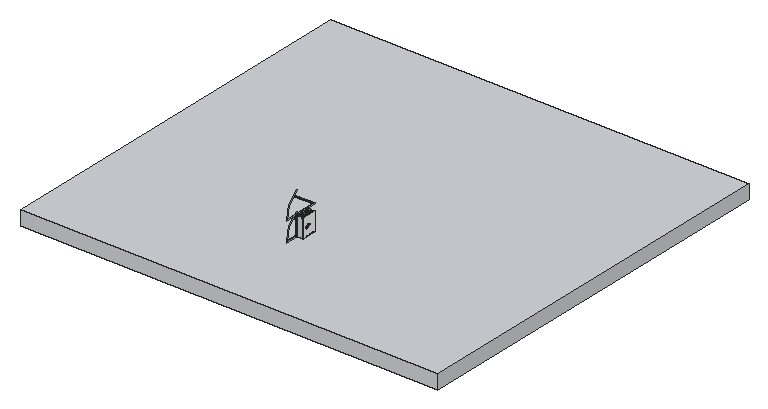
Revit family "ElectricBox_Light", category Обобщенные модели, Revit 2021
Family settings
  Основа = Грань
  Может служить основой для арматурных стержней = Нет
  Размер круглого соединителя = Использовать диаметр
  Тип детали = Нормальный
  При загрузке вырезать с полостями = Нет
  Общий = Нет
  Точка принадлежности помещению = Нет
Parameters (values of type "Осветительный ящик")
  Default Elevation = 1219.2 mm
Reference planes
  plane 1 "По центру (Вперед/Назад)": y = 0
  plane 2 "Первое крепление": z = 0
  plane 3 "По центру (Влево/Вправо)": x = 0
  plane 4 "Второе крепление": z = 420
Forms (mm)
  Extrusion 1, solid
    sketch origin (-848.664, 691.642, 0) x (1, 0, 0) y (0, 1, 0)
      loop
        line (-5400, 4000) -> (-5400, -4362.698) -> (3595.603, -4362.698) -> (3595.603, 4000) -> (-5400, 4000)
    from 0 to -304.8
  Sweep 2, solid
    path origin (5.061, -1.133, 0) x (-1, 0, 0) y (0, -1, 0)
      loop
        line (2469.655, 991.682) -> (2054.655, 991.682) -> (2054.655, 1751.682)
        arc (2054.655, 1751.682) -> (2357.093, 1316.858) -> (2568.822, 831.356) r 2700
    profile origin (-2352.031, -1317.991, 0) x (-0.872997, -0.487725, 0) y (0, 0, 1)
      loop
        line (0, 0) -> (0, 20) -> (-10, 20) -> (-10, 0) -> (0, 0)
  Sweep 3, solid
    path origin (5.061, 4069.107, 420) x (0, 1, 0) y (-1, 0, 0)
      loop
        line (-5061.923, 2469.655) -> (-5061.923, 2054.655) -> (-5821.923, 2054.655)
        arc (-5821.923, 2054.655) -> (-5387.098, 2357.093) -> (-4901.596, 2568.822) r 2700
    profile origin (-2352.031, -1317.991, 420) x (-0.872997, -0.487725, 0) y (0, 0, 1)
      loop
        line (0, 0) -> (0, 20) -> (-10, 20) -> (-10, 0) -> (0, 0)
  Sweep 4, solid
    path origin (-2049.594, -897.815, 20) x (0, -1, 0) y (0, 0, -1)
      loop
        line (592.995, 0) -> (592.995, -400)
    profile origin (-2049.594, -1490.81, 220) x (0, -1, 0) y (1, 0, 0)
      loop
        line (0, 0) -> (0, 135) -> (-5, 135) -> (-5, 0) -> (0, 0)
Dimensions and locks
  aligned and locked: Extrusion 1 to plane 2 "Первое крепление"
  aligned and locked: Extrusion 1 to level
Nested families
  nested 1: "Семейство2" at (-1969.594, -1485.81, 220) x (0, 0, -1) z (0, 1, 0), type "Семейство2"
  nested 2: "MPP_ЭОМ_ЭМ_Э_Ящик освещения ЯО1_v.01" at (-2049.594, -1485.81, 220) x (0, 0, -1) z (0, 1, 0), type "Ящик освещения ЯО1"
    with MPP_Группирование ЭОМ "", ADSK_Примечание "", ADSK_Позиция "", ADSK_Обозначение "", ADSK_Комплект "", ADSK_Зона ""
Definition of nested family "MPP_ЭОМ_ЭМ_Э_Ящик освещения ЯО1_v.01"
  Parameters (values of type "Ящик освещения ЯО-1-1")
    built-in parameter 1155100 [instance] = -1
    Default Elevation = 0 mm
    built-in parameter 1140140 [instance] = 1 (stored number, unit not read)
    Voltage = "380/220"
    built-in parameter 1140142 [instance] = -1
    R = 10 mm
    MPP_ЭОМ_Тип защитной характеристики = ""
    MPP_ЭОМ_Предельный Icn = 16 A
    MPP_ЭОМ_Климатическое исполнение = ""
    MPP_ЭОМ_Класс пожароопасной зоны = ""
    MPP_Страна изготовитель = ""
    MPP_Степень защиты = ""
    MPP_Класс защиты от поражения электрическим током = ""
    MPP_Деталь/Сборка = ""
    MPP_Группирование ЭОМ [instance] = ""
    K (отступ) = 30 mm
    ADSK_Ток = 16 A
    ADSK_Размер_Ширина = 400 mm
    ADSK_Размер_Толщина стенки = 4.972 mm
    ADSK_Размер_Глубина = 155 mm
    ADSK_Размер_Высота = 300 mm
    ADSK_Примечание [instance] = ""
    ADSK_Полная мощность = ADSK_Номинальная мощность / ADSK_Коэффициент мощности  # 10530.9 VA
    ADSK_Позиция [instance] = ""
    ADSK_Обозначение [instance] = ""
    ADSK_Номинальная мощность = (ADSK_Коэффициент мощности * ADSK_Напряжение * sqrt(ADSK_Количество фаз числовое)) * ADSK_Ток  # 8424.7 VA
    ADSK_Напряжение = 380 V
    ADSK_Наименование краткое = "ЯО-1-1"
    ADSK_Наименование = "Ящик для сети освещения"
    ADSK_Масса = 0
    ADSK_Коэффициент мощности = 0.8
    ADSK_Комплект [instance] = ""
    ADSK_Количество фаз числовое = 3
    ADSK_Количество фаз = 3
    ADSK_Код изделия = ""
    ADSK_Классификация нагрузок = none
    ADSK_Зона [instance] = ""
    ADSK_Завод-изготовитель = ""
    ADSK_Единица измерения = ""
  Types (3, lengths in mm): name | ADSK_Полная мощность | ADSK_Номинальная мощность | ADSK_Напряжение | ADSK_Наименование краткое
    (no name) | 10530.9 VA | 8424.7 VA | 380 V | "ЯО-1-1"
    Ящик освещения ЯО1 | 6096.82 VA | 4877.46 VA | 220 V | "ЯО1"
    Ящик освещения ЯО-1-1 | 10530.9 VA | 8424.7 VA | 380 V | "ЯО-1-1"
  Reference planes
    plane 1 "По центру (Вперед/Назад)": y = 0
    plane 2: z = 0
    plane 3 "По центру (Влево/Вправо)": x = 0
    plane 4: x = -300
    plane 5: x = 300
    plane 6: z = 300
    plane 7: x = -200
    plane 8: x = 200
    plane 9: y = -145.055
    plane 10: y = -155
    plane 11: y = -4.972
    plane 12: y = -150.028
    plane 13: z = 150
    plane 14: y = -72.528
    plane 15: x = -195.028
    plane 16: x = 195
    plane 17: y = -140.083
    plane 18: z = 225
    plane 19: x = -190.055
    plane 20: z = 295.028
    plane 21: x = 195.028
    plane 22: z = 4.972
  Forms (mm)
    Extrusion 1, solid, detail levels fine
      sketch origin (0, 0, 0) x (1, 0, 0) y (0, 0, 1)
        loop
          line (-200, 300) -> (-200, 0) -> (200, 0) -> (200, 300) -> (-200, 300)
      from 0 to 4.972 <- "ADSK_Размер_Толщина стенки"
    Sweep 2, solid, detail levels fine
      path origin (0, -4.972, 0) x (1, 0, 0) y (0, 0, 1)
        loop
          line (-200, 300) -> (-200, 0) -> (200, 0) -> (200, 300) -> (-200, 300)
      profile origin (-200, -4.972, 150) x (0, -1, 0) y (1, 0, 0)
        loop
          line (0, 0) -> (130.185, 0) -> (135.185, 4.972) -> (145.055, 4.972) -> (145.055, 9.945) -> (133.125, 9.945) -> (128.153, 4.972) -> (0, 4.972) -> (0, 0)
    Extrusion 3, solid, detail levels fine
      sketch origin (-300, -155, 1200) x (-1, 0, 0) y (0, 0, 1)
        loop
          line (-110, -900) -> (-490, -900)
          arc (-490, -900) -> (-497.071, -902.929) -> (-500, -910) r 10
          line (-500, -910) -> (-500, -1190)
          arc (-500, -1190) -> (-497.071, -1197.071) -> (-490, -1200) r 10
          line (-490, -1200) -> (-110, -1200)
          arc (-110, -1200) -> (-102.929, -1197.071) -> (-100, -1190) r 10
          line (-100, -1190) -> (-100, -910)
          arc (-100, -910) -> (-102.929, -902.929) -> (-110, -900) r 10
      from 0 to 4.972 <- "ADSK_Размер_Толщина стенки"
    Extrusion 4, solid, detail levels fine
      sketch origin (0, 0, 0) x (-1, 0, 0) y (0, 0, -1)
        loop
          line (200, -280) -> (200, -300) -> (213.251, -297.901)
          arc (213.251, -297.901) -> (218.083, -295.195) -> (220, -290) r 8
          arc (220, -290) -> (218.083, -284.805) -> (213.251, -282.099) r 8
          line (213.251, -282.099) -> (200, -280)
        loop
          circle (210.938, -290) r 4
      from 0 to 4.972 <- "ADSK_Размер_Толщина стенки"
    Extrusion 5, solid, detail levels coarse+medium
      sketch origin (0, 0, 0) x (1, 0, 0) y (0, 1, 0)
        loop
          line (-200, 0) -> (-200, -155) -> (200, -155) -> (200, 0) -> (-200, 0)
      from 0 to 300 <- "ADSK_Размер_Высота"
    Extrusion 6, solid, detail levels fine
      sketch origin (0, 0, 0) x (1, 0, 0) y (0, 0, 1)
        loop
          line (200, 280) -> (213.251, 282.099)
          arc (213.251, 282.099) -> (218.083, 284.805) -> (220, 290) r 8
          arc (220, 290) -> (218.083, 295.195) -> (213.251, 297.901) r 8
          line (213.251, 297.901) -> (200, 300) -> (200, 280)
        loop
          circle (210.938, 290) r 4
      from 0 to 4.972 <- "ADSK_Размер_Толщина стенки"
    Extrusion 7, solid, detail levels fine
      sketch origin (0, 0, 300) x (1, 0, 0) y (0, 0, 1)
        loop
          line (200, -280) -> (200, -300) -> (213.251, -297.901)
          arc (213.251, -297.901) -> (218.083, -295.195) -> (220, -290) r 8
          arc (220, -290) -> (218.083, -284.805) -> (213.251, -282.099) r 8
          line (213.251, -282.099) -> (200, -280)
        loop
          circle (210.938, -290) r 4
      from 0 to 4.972 <- "ADSK_Размер_Толщина стенки"
    Extrusion 8, solid, detail levels fine
      sketch origin (0, 0, 300) x (-1, 0, 0) y (0, 0, -1)
        loop
          line (200, 280) -> (213.251, 282.099)
          arc (213.251, 282.099) -> (218.083, 284.805) -> (220, 290) r 8
          arc (220, 290) -> (218.083, 295.195) -> (213.251, 297.901) r 8
          line (213.251, 297.901) -> (200, 300) -> (200, 280)
        loop
          circle (210.938, 290) r 4
      from 0 to 4.972 <- "ADSK_Размер_Толщина стенки"
    Extrusion 9, solid, detail levels fine
      sketch origin (-300, -150.028, 1200) x (-1, 0, 0) y (0, 0, 1)
        loop
          line (-500, -910) -> (-500, -1190.028)
          arc (-500, -1190.028) -> (-497.079, -1197.079) -> (-490.028, -1200) r 9.972
          line (-490.028, -1200) -> (-110, -1200)
          arc (-110, -1200) -> (-102.929, -1197.071) -> (-100, -1190) r 10
          line (-100, -1190) -> (-100, -910)
          arc (-100, -910) -> (-102.929, -902.929) -> (-110, -900) r 10
          line (-110, -900) -> (-490, -900)
          arc (-490, -900) -> (-497.071, -902.929) -> (-500, -910) r 10
        loop
          arc (-104.972, -909.972) -> (-106.437, -906.437) -> (-109.972, -904.972) r 5
          line (-109.972, -904.972) -> (-490, -904.972)
          arc (-490, -904.972) -> (-493.555, -906.445) -> (-495.028, -910) r 5.028
          line (-495.028, -910) -> (-495.028, -1190.028)
          arc (-495.028, -1190.028) -> (-493.563, -1193.563) -> (-490.028, -1195.028) r 5
          line (-490.028, -1195.028) -> (-109.972, -1195.028)
          arc (-109.972, -1195.028) -> (-106.437, -1193.563) -> (-104.972, -1190.028) r 5
          line (-104.972, -1190.028) -> (-104.972, -909.972)
      from 0 to 4.972 <- "ADSK_Размер_Толщина стенки"
  Dimensions and locks
    equal spacing: plane 7, plane 3 "По центру (Влево/Вправо)", plane 8
    "ADSK_Размер_Ширина": plane 7 to plane 8
    "ADSK_Размер_Высота": plane 6 to plane 2
    "ADSK_Размер_Толщина стенки": plane 11 to plane 1 "По центру (Вперед/Назад)"
    equal spacing: plane 6, plane 13, plane 2
    equal spacing: plane 9, plane 14, plane 1 "По центру (Вперед/Назад)"
    "ADSK_Размер_Глубина": plane 10 to plane 1 "По центру (Вперед/Назад)"
    "ADSK_Размер_Толщина стенки": plane 12 to plane 10
    "ADSK_Размер_Толщина стенки": plane 9 to plane 12
    "ADSK_Размер_Толщина стенки": plane 9 to plane 17
    equal spacing: plane 13, plane 18, plane 6
    "ADSK_Размер_Толщина стенки": plane 15 to plane 19
    "ADSK_Размер_Толщина стенки": plane 7 to plane 15
    "ADSK_Размер_Толщина стенки": plane 21 to plane 8
    plane 20 to plane 13 = 145.028 mm
    "ADSK_Размер_Толщина стенки": plane 6 to plane 20
    "ADSK_Размер_Толщина стенки": plane 22 to plane 2
    locked: nested 5 to plane 2 at 40
    aligned and locked: level to plane 2
    aligned and locked: Sweep 2 to plane 11
    aligned and locked: Extrusion 1 sketch curve to plane 7
    aligned and locked: plane 8 to Extrusion 1 sketch curve
    aligned and locked: Extrusion 5 sketch curve to plane 7
    aligned and locked: plane 8 to Extrusion 5 sketch curve
    aligned and locked: plane 1 "По центру (Вперед/Назад)" to Extrusion 5 sketch curve
    aligned and locked: plane 3 "По центру (Влево/Вправо)" to nested 1
    aligned and locked: nested 1 to plane 13
    aligned and locked: Extrusion 4 to Extrusion 5
    aligned and locked: Extrusion 8 to Extrusion 5
    aligned and locked: Extrusion 6 to Extrusion 5
    aligned and locked: Extrusion 7 to Extrusion 5
    aligned and locked: Sweep 2 sketch curve to plane 12
    aligned and locked: plane 14 to nested 4
    aligned and locked: nested 2 to plane 14
    aligned and locked: plane 14 to nested 3
    aligned and locked: nested 2 to plane 13
    aligned and locked: plane 13 to nested 3
    aligned and locked: plane 18 to nested 4
    aligned and locked: Sweep 2 sketch curve to plane 6
    aligned and locked: plane 7 to Sweep 2 sketch curve
    aligned and locked: Sweep 2 sketch curve to plane 2
    aligned and locked: Sweep 2 sketch curve to plane 8
    aligned and locked: Sweep 2 sketch curve to plane 11
    aligned and locked: profile plane to Sweep 2 sketch curve
    aligned and locked: Extrusion 9 sketch curve to plane 15
    aligned and locked: plane 7 to Extrusion 9 sketch curve
    aligned and locked: Extrusion 9 sketch curve to plane 8
    aligned and locked: Extrusion 9 sketch curve to plane 2
    aligned and locked: Extrusion 9 sketch curve to plane 6
    aligned and locked: plane 20 to Extrusion 9 sketch curve
    aligned and locked: Extrusion 9 sketch curve to plane 21
    aligned and locked: Extrusion 9 sketch curve to plane 22
    aligned and locked: nested 6 to plane 3 "По центру (Влево/Вправо)"
    aligned and locked: nested 6 to plane 1 "По центру (Вперед/Назад)"
  Automatic sketch dimensions
    Extrusion 1 sketch curve to level = 0 mm
    Extrusion 1 sketch curve to plane 6 = 0 mm
    plane 7 to Extrusion 4 sketch curve = 0 mm
    Extrusion 4 sketch curve to plane 6 = 0 mm
    plane 7 to Extrusion 4 sketch curve = 10.938 mm
    Extrusion 4 sketch curve to Extrusion 4 sketch curve = 1.062 mm
    Extrusion 4 sketch curve to Extrusion 4 sketch curve = 0 mm  (x2)
    plane 6 to Extrusion 4 sketch curve = 2.099 mm
    Extrusion 4 sketch curve to Extrusion 4 sketch curve = 1.251 mm  (x2)
    Extrusion 4 sketch curve to Extrusion 4 sketch curve = 7.901 mm  (x2)
    Extrusion 4 sketch curve to Extrusion 4 sketch curve = 0.001 mm
    Extrusion 5 sketch curve to plane 10 = 0 mm
    plane 8 to Extrusion 6 sketch curve = 0 mm
    Extrusion 6 sketch curve to plane 6 = 0 mm
    Extrusion 6 sketch curve to plane 8 = 10.938 mm
    Extrusion 6 sketch curve to Extrusion 6 sketch curve = 1.062 mm
    Extrusion 6 sketch curve to Extrusion 6 sketch curve = 0 mm  (x2)
    plane 6 to Extrusion 6 sketch curve = 2.099 mm
    Extrusion 6 sketch curve to Extrusion 6 sketch curve = 1.251 mm  (x2)
    Extrusion 6 sketch curve to Extrusion 6 sketch curve = 7.901 mm  (x2)
    Extrusion 6 sketch curve to Extrusion 6 sketch curve = 0.001 mm
    plane 8 to Extrusion 7 sketch curve = 0 mm
    Extrusion 7 sketch curve to level = 0 mm
    Extrusion 7 sketch curve to plane 8 = 10.938 mm
    Extrusion 7 sketch curve to Extrusion 7 sketch curve = 1.062 mm
    Extrusion 7 sketch curve to Extrusion 7 sketch curve = 0 mm  (x2)
    level to Extrusion 7 sketch curve = 2.099 mm
    Extrusion 7 sketch curve to Extrusion 7 sketch curve = 1.251 mm  (x2)
    Extrusion 7 sketch curve to Extrusion 7 sketch curve = 7.901 mm  (x2)
    Extrusion 7 sketch curve to Extrusion 7 sketch curve = 0.001 mm
    plane 7 to Extrusion 8 sketch curve = 0 mm
    Extrusion 8 sketch curve to level = 0 mm
    plane 7 to Extrusion 8 sketch curve = 10.938 mm
    Extrusion 8 sketch curve to Extrusion 8 sketch curve = 1.062 mm
    Extrusion 8 sketch curve to Extrusion 8 sketch curve = 0 mm  (x2)
    level to Extrusion 8 sketch curve = 2.099 mm
    Extrusion 8 sketch curve to Extrusion 8 sketch curve = 1.251 mm  (x2)
    Extrusion 8 sketch curve to Extrusion 8 sketch curve = 7.901 mm  (x2)
    Extrusion 8 sketch curve to Extrusion 8 sketch curve = 0.001 mm
    Extrusion 7 sketch curve to Extrusion 7 sketch curve = 2.099 mm
    Extrusion 8 sketch curve to Extrusion 8 sketch curve = 2.099 mm
    Extrusion 4 sketch curve to Extrusion 4 sketch curve = 2.099 mm
    Extrusion 6 sketch curve to Extrusion 6 sketch curve = 2.099 mm
    plane 8 to Extrusion 3 sketch curve = 0 mm
    Extrusion 3 sketch curve to plane 6 = 0 mm
    Extrusion 3 sketch curve to level = 0 mm
    plane 7 to Extrusion 3 sketch curve = 0 mm
    plane 8 to Extrusion 3 sketch curve = 10 mm  (x2)
    Extrusion 3 sketch curve to Extrusion 3 sketch curve = 10 mm
    level to Extrusion 3 sketch curve = 10 mm
    Extrusion 9 sketch curve to Extrusion 9 sketch curve = 0 mm  (x2)
    plane 8 to Extrusion 9 sketch curve = 10 mm
    Extrusion 9 sketch curve to Extrusion 9 sketch curve = 5 mm
    plane 15 to Extrusion 9 sketch curve = 5.028 mm  (x2)
    Extrusion 9 sketch curve to Extrusion 9 sketch curve = 0.028 mm  (x2)
    Sweep 2 sketch curve to plane 19 = 0 mm
    Sweep 2 sketch curve to profile plane = 4.972 mm  (x2)
    Sweep 2 sketch curve to Sweep 2 sketch curve = 16.903 mm
    Sweep 2 sketch curve to Sweep 2 sketch curve = 2.032 mm
    Sweep 2 sketch curve to Sweep 2 sketch curve = 4.972 mm
    Sweep 2 sketch curve to Sweep 2 sketch curve = 2.06 mm
    radius of Extrusion 4 sketch curve = 4 mm
    radius of Extrusion 6 sketch curve = 4 mm
    radius of Extrusion 7 sketch curve = 4 mm
    radius of Extrusion 8 sketch curve = 4 mm
  Nested families
    nested 1: "MPP_ЭОМ_ЭМ_ОМ_УГО_Высокое напряжение_v.01" at (0, -155, 92.97) x (1, 0, 0) z (0, -1, 0), type "MPP_ЭОМ_ЭМ_ОМ_УГО_Высокое напряжение_v.01"
    nested 2: "MPP_ЭОМ_ЭМ_ЭП-1_Розетка встр. 3Р+РЕ_v.02" at (200, -72.528, 99.073) x (0, 1, 0) z (1, 0, 0), type "Розетка 3P+PE", detail levels coarse+fine
      with ADSK_Примечание "", ADSK_Позиция ""
    nested 3: "MPP_ЭОМ_ЭМ_ЭП-1_Розетка встр. 3Р+РЕ_v.02" at (-200, -72.528, 99.073) x (0, 1, 0) z (-1, 0, 0), type "Розетка 3P+PE", detail levels coarse+fine
      with ADSK_Примечание "", ADSK_Позиция ""
    nested 4: "MPP_ЭОМ_ЭМ_ЭЩП_Сальник привертный_v.01" at (-200, -72.528, 225) x (0, 1, 0) z (-1, 0, 0), type "MPP_ЭОМ_ЭМ_ЭП-2_Сальник привертный_v.01"
    nested 5: "Ручка" at (0, -155, 40), type "Ручка", detail levels fine
      with Корпус none
    nested 6: "УГО" at (0, 0, 0) x (-1, 0, 0) z (0, 0, 1), type "Шкаф распределительный", detail levels coarse
  Definition of nested family "MPP_ЭОМ_ЭМ_ОМ_УГО_Высокое напряжение_v.01"
    Parameters
      Default Elevation = 1219.2 mm
      A = 100 mm
    Reference planes
      plane 1 "По центру (Вперед/Назад)": y = 0
      plane 2: z = 0
      plane 3 "По центру (Влево/Вправо)": x = 0
    Forms (mm)
      Extrusion 1, solid
        sketch origin (519.2, -529.2, 0) x (1, 0, 0) y (0, 1, 0)
          loop
            line (-1219.2, 1219.2) -> (-1219.2, -1219.2) -> (1219.2, -1219.2) -> (1219.2, 1219.2) -> (-1219.2, 1219.2)
        from 0 to -304.8
      Extrusion 2, solid
        sketch origin (0, 0, 0) x (1, 0, 0) y (0, 1, 0)
          loop
            line (50, 0) -> (0, 86.603) -> (-50, 0) -> (50, 0)
          loop
            line (0, 76.603) -> (-41.34, 5) -> (41.34, 5) -> (0, 76.603)
          loop
            line (-6.864, 33.296) -> (2.725, 57.03) -> (-4.052, 57.03) -> (-11.172, 28.473) -> (2.499, 36.366) -> (-3.107, 13.881) -> (-4.424, 16.784) -> (-4.692, 9.117) -> (0.844, 14.653) -> (-2.002, 13.617) -> (9.307, 42.633) -> (-6.864, 33.296)
        from 0 to 1.2
      Extrusion 3, solid
        sketch origin (0, 0, 0) x (1, 0, 0) y (0, 1, 0)
          loop
            line (0, 86.603) -> (-50, 0) -> (50, 0) -> (0, 86.603)
        from 0 to 1
    Dimensions and locks
      "A": Extrusion 2 sketch curve to Extrusion 2 sketch curve  (x3)
      aligned and locked: Extrusion 1 to plane 2
      aligned and locked: Extrusion 1 to level
      aligned and locked: Extrusion 3 to Extrusion 2
    Automatic sketch dimensions
      Extrusion 1 sketch curve to Extrusion 1 sketch curve = 2438.4 mm  (x2)
      plane 3 "По центру (Влево/Вправо)" to Extrusion 3 sketch curve = 0 mm
      plane 1 "По центру (Вперед/Назад)" to Extrusion 3 sketch curve = 0 mm
      Extrusion 3 sketch curve to plane 1 "По центру (Вперед/Назад)" = 86.603 mm
      Extrusion 3 sketch curve to plane 3 "По центру (Влево/Вправо)" = 50 mm
      plane 3 "По центру (Влево/Вправо)" to Extrusion 3 sketch curve = 50 mm
      plane 1 "По центру (Вперед/Назад)" to Extrusion 2 sketch curve = 0 mm
      Extrusion 2 sketch curve to plane 3 "По центру (Влево/Вправо)" = 0 mm  (x2)
      Extrusion 2 sketch curve to plane 1 "По центру (Вперед/Назад)" = 5 mm
      Extrusion 2 sketch curve to Extrusion 2 sketch curve = 8.66 mm  (x2)
      Extrusion 2 sketch curve to plane 3 "По центру (Влево/Вправо)" = 11.172 mm
      Extrusion 2 sketch curve to Extrusion 2 sketch curve = 4.308 mm
      Extrusion 2 sketch curve to plane 3 "По центру (Влево/Вправо)" = 4.692 mm
      Extrusion 2 sketch curve to plane 3 "По центру (Влево/Вправо)" = 4.424 mm
      Extrusion 2 sketch curve to plane 3 "По центру (Влево/Вправо)" = 4.052 mm
      Extrusion 2 sketch curve to plane 3 "По центру (Влево/Вправо)" = 3.107 mm
      Extrusion 2 sketch curve to Extrusion 2 sketch curve = 1.105 mm
      plane 3 "По центру (Влево/Вправо)" to Extrusion 2 sketch curve = 0.844 mm
      plane 3 "По центру (Влево/Вправо)" to Extrusion 2 sketch curve = 2.499 mm
      plane 3 "По центру (Влево/Вправо)" to Extrusion 2 sketch curve = 2.725 mm
      Extrusion 2 sketch curve to Extrusion 2 sketch curve = 6.808 mm
      Extrusion 2 sketch curve to plane 1 "По центру (Вперед/Назад)" = 9.117 mm
      Extrusion 2 sketch curve to Extrusion 2 sketch curve = 4.5 mm
      Extrusion 2 sketch curve to Extrusion 2 sketch curve = 0.265 mm
      Extrusion 2 sketch curve to Extrusion 2 sketch curve = 1.036 mm
      Extrusion 2 sketch curve to Extrusion 2 sketch curve = 2.902 mm
      Extrusion 2 sketch curve to Extrusion 2 sketch curve = 11.689 mm
      Extrusion 2 sketch curve to Extrusion 2 sketch curve = 4.823 mm
      Extrusion 2 sketch curve to Extrusion 2 sketch curve = 3.07 mm
      Extrusion 2 sketch curve to Extrusion 2 sketch curve = 6.267 mm
      Extrusion 2 sketch curve to Extrusion 2 sketch curve = 14.397 mm
      Extrusion 2 sketch curve to Extrusion 2 sketch curve = 10 mm
  Definition of nested family "MPP_ЭОМ_ЭМ_ЭП-1_Розетка встр. 3Р+РЕ_v.02"
    Parameters (values of type "Розетка 3P+PE")
      Description = ""
      Материал крышки = none
      Материал = none
      Type Comments = ""
      Manufacturer = ""
      Y [instance] = 0 mm
      X [instance] = 0 mm
      Default Elevation = 0 mm
      URL = ""
      ADSK_Ток = 32 A
      ADSK_Примечание [instance] = ""
      ADSK_Полная мощность = 0 VA
      ADSK_Позиция [instance] = ""
      ADSK_Обозначение = "ССИ-425"
      ADSK_Номинальная мощность = 0 VA
      ADSK_Напряжение = 380 V
      ADSK_Наименование краткое = "ССИ-425"
      ADSK_Наименование = "Розетка встраиваемая 32А-6ч/380-415В 3Р+PЕ IP44 MAGNUM ИЭК"
      ADSK_Материал наименование = "Синий"
      ADSK_Масса_Текст = ""
      ADSK_Коэффициент мощности = 0.6
      ADSK_Количество фаз числовое = 3
      ADSK_Количество фаз = 3
      ADSK_Код изделия = "PSN42-032-4"
      ADSK_Классификация нагрузок = none
      ADSK_Завод-изготовитель = "IEK"  # constant formula
      ADSK_Единица измерения = "шт."  # constant formula
      ADSK_Группирование = "Розетки"
      ADSK_URL страницы изделия = ""
      ADSK_URL документации изделия = ""
    Reference planes
      plane 1 "По центру (Вперед/Назад)": y = 0
      plane 2: z = 0
      plane 3 "По центру (Влево/Вправо)": x = 0
    Forms (mm)
      Extrusion 1, solid
        sketch origin (0, 0, 0) x (1, 0, 0) y (0, 1, 0)
          loop
            line (-1219.2, 1219.2) -> (-1219.2, -1219.2) -> (1219.2, -1219.2) -> (1219.2, 1219.2) -> (-1219.2, 1219.2)
        from 0 to -304.8
      Extrusion 2, solid, material <- "Материал", detail levels medium+fine
        sketch origin (0, 0, 0) x (1, 0, 0) y (0, 1, 0)
          loop
            line (40, -39.073) -> (40, 45.927)
            arc (40, 45.927) -> (38.536, 49.462) -> (35, 50.927) r 5
            line (35, 50.927) -> (-35, 50.927)
            arc (-35, 50.927) -> (-38.536, 49.462) -> (-40, 45.927) r 5
            line (-40, 45.927) -> (-40, -39.073)
            arc (-40, -39.073) -> (-38.536, -42.609) -> (-35, -44.073) r 5
            line (-35, -44.073) -> (35, -44.073)
            arc (35, -44.073) -> (38.536, -42.609) -> (40, -39.073) r 5
          loop
            circle (-31.031, -34.056) r 2.267
          loop
            circle (31.031, -34.056) r 2.267
          loop
            circle (31.031, 40.931) r 2.267
          loop
            circle (-31.031, 40.931) r 2.267
        from 0 to 9
      Extrusion 3, solid, material <- "Материал", detail levels medium+fine
        sketch origin (0, 5.467, -10.671) x (1, 0, 0) y (0, 0.965926, 0.258819)
          loop
            arc (6.789, -31.303) -> (0, 32.031) -> (-6.789, -31.303) r 32.031
            arc (-6.789, -31.303) -> (0, -38.092) -> (6.789, -31.303) r 6.789
        from 1.971 to 42.361
      Extrusion 4, solid, material <- "Материал крышки", detail levels fine
        sketch origin (0, 15.196, -3.494) x (0, 0.965926, 0.258819) y (0, -0.258819, 0.965926)
          loop
            arc (27.727, 19.991) -> (31.597, 13.733) -> (38.729, 15.547) r 6.22
            arc (38.729, 15.547) -> (40.495, 16.557) -> (42.529, 16.565) r 3.986
            line (42.529, 16.565) -> (45.604, 15.766)
            arc (45.604, 15.766) -> (46.077, 15.714) -> (46.517, 15.894) r 0.963
            line (46.517, 15.894) -> (47.37, 16.906)
            arc (47.37, 16.906) -> (47.472, 17.364) -> (47.154, 17.709) r 0.507
            arc (47.154, 17.709) -> (42.757, 19.947) -> (39.044, 23.196) r 19.956
            line (39.044, 23.196) -> (24.565, 44.541) -> (18.908, 44.541) -> (18.908, 37.947) -> (20.604, 37.947) -> (20.604, 25.447)
            arc (20.604, 25.447) -> (21.19, 24.033) -> (22.604, 23.447) r 2
            line (22.604, 23.447) -> (27.727, 23.447) -> (27.727, 19.991)
        from -10 to 10
      Extrusion 5, void
        sketch origin (0, 15.196, -3.494) x (1, 0, 0) y (0, 0.965926, 0.258819)
          loop
            line (-7, 48.32) -> (-14, 48.32) -> (-14, 39.721) -> (-7, 39.721) -> (-7, 48.32)
          loop
            line (7, 48.32) -> (7, 39.721) -> (14, 39.721) -> (14, 48.32) -> (7, 48.32)
        from 0 to 39.703
      Extrusion 6, solid, material <- "Материал", detail levels medium+fine
        sketch origin (0, 14.978, -3.739) x (0, 0.965926, 0.258819) y (0, -0.258819, 0.965926)
          loop
            line (34.177, 24.327) -> (18.06, 24.327) -> (18.06, -7.18) -> (23.314, -8.588) -> (38.731, 18.114)
            arc (38.731, 18.114) -> (38.029, 22.375) -> (34.177, 24.327) r 4.775
        from -14.3 to -10
      Revolve 7, solid, material <- "Материал крышки", detail levels fine
        sketch origin (0, 3.558, -3.561) x (1, 0, 0) y (0, -0.258819, 0.965926)
          loop
            line (0, 35) -> (0, 45)
            arc (0, 45) -> (-16.135, 44.331) -> (-32.05, 41.594) r 125.351
            line (-32.05, 41.594) -> (-32.05, 35) -> (0, 35)
          axis (0, 45) -> (0, 35)
        angle from 0 to 360
      Extrusion 8, solid, material <- "Материал крышки", detail levels fine
        sketch origin (0, -5.68, -6.037) x (0, 0.965926, 0.258819) y (0, -0.258819, 0.965926)
          loop
            line (-30.573, 35) -> (-19.743, 35) -> (-19.743, 41.788)
            arc (-19.743, 41.788) -> (-25.198, 40.636) -> (-30.573, 39.155) r 92.159
            line (-30.573, 39.155) -> (-30.573, 35)
        from -10 to 10
      Extrusion 9, solid, material <- "Материал", detail levels medium+fine
        sketch origin (0.312, 12.419, -8.808) x (1, 0, 0) y (0, 0.965926, 0.258819)
          loop
            circle (-0.312, -6.989) r 26
        from -7.066 to 1.971
      Extrusion 10, solid, material <- "Материал", detail levels medium+fine
        sketch origin (0, 2.17, -11.554) x (1, 0, 0) y (0, 0.965926, 0.258819)
          loop
            line (-4.5, 3.48) -> (-4.5, -1.762)
            arc (-4.5, -1.762) -> (0, -16.954) -> (4.5, -1.762) r 8.262
            line (4.5, -1.762) -> (4.5, 3.48) -> (-4.5, 3.48)
        from -15.655 to -7.066
      Extrusion 11, solid, material <- "Материал", detail levels medium+fine
        sketch origin (0, 14.978, -3.739) x (0, 0.965926, 0.258819) y (0, 0.258819, -0.965926)
          loop
            arc (34.177, -24.327) -> (38.029, -22.375) -> (38.731, -18.114) r 4.775
            line (38.731, -18.114) -> (23.314, 8.588) -> (18.06, 7.18) -> (18.06, -24.327) -> (34.177, -24.327)
        from -14.3 to -10
      Extrusion 12, solid, material <- "Материал", detail levels medium+fine
        sketch origin (0, 2.5, -15) x (0, 1, 0) y (0, 0, 1)
          loop
            line (39.169, 27.862) -> (34.896, 11.913) -> (31.791, 11.081) -> (31.791, 9) -> (37.221, 9) -> (42.515, 28.759) -> (39.169, 27.862)
        from -10 to 10
    Cuts and joins
      joined: Extrusion 2, Extrusion 3, Extrusion 6, Extrusion 9, Extrusion 10, Extrusion 11, Extrusion 12
      Extrusion 5 cuts Extrusion 4
      joined: Extrusion 4, Revolve 7, Extrusion 8
    Dimensions and locks
      aligned and locked: plane 2 to Extrusion 1
      aligned and locked: level to Extrusion 1
      aligned and locked: Extrusion 10 to Extrusion 9
      aligned and locked: Extrusion 9 to Extrusion 3
  Definition of nested family "MPP_ЭОМ_ЭМ_ЭЩП_Сальник привертный_v.01"
    Parameters
      Default Elevation = 1219.2 mm
    Reference planes
      plane 1 "По центру (Вперед/Назад)": y = 0
      plane 2: z = 0
      plane 3 "По центру (Влево/Вправо)": x = 0
    Forms (mm)
      Extrusion 1, solid
        sketch origin (0, 0, 0) x (1, 0, 0) y (0, 1, 0)
          loop
            line (-1219.2, 1219.2) -> (-1219.2, -1219.2) -> (1219.2, -1219.2) -> (1219.2, 1219.2) -> (-1219.2, 1219.2)
        from 0 to -304.8
      Extrusion 2, solid, detail levels fine
        sketch origin (0, 0, 38) x (1, 0, 0) y (0, 1, 0)
          loop
            circle (0, 0) r 16
          loop
            line (0, 30) -> (-25.981, 15) -> (-25.981, -15) -> (0, -30) -> (25.981, -15) -> (25.981, 15) -> (0, 30)
        from 0 to 10
      Extrusion 3, solid, detail levels fine
        sketch origin (0, 0, 28) x (1, 0, 0) y (0, 1, 0)
          loop
            circle (0, 0) r 20
          loop
            circle (0, 0) r 16
        from 0 to 10
      Extrusion 4, solid, detail levels fine
        sketch origin (0, 0, 0) x (1, 0, 0) y (0, 1, 0)
          loop
            circle (0, 0) r 16
          loop
            line (0, 35) -> (-30.311, 17.5) -> (-30.311, -17.5) -> (0, -35) -> (30.311, -17.5) -> (30.311, 17.5) -> (0, 35)
        from 0 to 10
      Extrusion 5, solid, detail levels fine
        sketch origin (0, 0, 10) x (1, 0, 0) y (0, 1, 0)
          loop
            circle (0, 0) r 16
          loop
            circle (0, 0) r 25.981
        from 0 to 18
      Extrusion 6, solid, detail levels fine
        sketch origin (0, 0, 0) x (1, 0, 0) y (0, 1, 0)
          loop
            circle (0, 0) r 20
          loop
            circle (0, 0) r 16
        from 0 to -5
      Extrusion 7, solid, detail levels fine
        sketch origin (0, 0, -5) x (0, 1, 0) y (1, 0, 0)
          loop
            line (35, 0) -> (17.5, 30.311) -> (-17.5, 30.311) -> (-35, 0) -> (-17.5, -30.311) -> (17.5, -30.311) -> (35, 0)
          loop
            circle (0, 0) r 16
        from 0 to 10
      Extrusion 8, solid, detail levels fine
        sketch origin (0, 0, -15) x (-1, 0, 0) y (0, 1, 0)
          loop
            circle (0, 0) r 20
          loop
            circle (0, 0) r 16
        from 0 to 7
    Dimensions and locks
      Extrusion 2 to Extrusion 2 to Extrusion 5 to Extrusion 4 to Extrusion 1 to Extrusion 7 to Extrusion 7 to Extrusion 8 = 10 mm, 10 mm, 18 mm, 10 mm, 5 mm, 10 mm, 7 mm
      Extrusion 2 to Extrusion 8 = 70 mm
      aligned and locked: plane 2 to Extrusion 1
      aligned and locked: level to Extrusion 1
  Definition of nested family "Ручка"
    Parameters (values of type "Ручка")
      Cost = 0
      Сайт разработчика = "http://allrl.ru/"
      Default Elevation = 0 mm
      Description = ""
      Масса единицы, кг = 0
      Корпус [instance] = none
      Type Comments = ""
      Manufacturer = ""
      Единица измерения = ""
      URL = ""
    Reference planes
      plane 1 "По центру (Вперед/Назад)": y = 0
      plane 2: z = 0
      plane 3 "По центру (Влево/Вправо)": x = 0
      plane 4: z = 0
    Forms (mm)
      Revolve 1, solid, material <- "Корпус"
        sketch origin (0, 0, 0) x (1, 0, 0) y (0, 1, 0)
          loop
            line (0, 0) -> (-15, 0) -> (-15, -1.863) -> (-13.185, -4.361) -> (-12.241, -4.361) -> (-12.241, -3.428) -> (-11.424, -3.428) -> (-11.424, -4.361) -> (0, -4.361) -> (0, 0)
          axis (0, 0) -> (0, -4.361)
        angle from 0 to 360
    Dimensions and locks
      aligned and locked: level to plane 2
      aligned and locked: plane 4 to Revolve 1
  Definition of nested family "УГО"
    Parameters (values of type "ЩС")
      Ящик с аппаратурой = no
      ЩС = yes
      ЩО = no
      ЩАО = no
    Types (4, lengths in mm): name | Ящик с аппаратурой | ЩС | ЩО | ЩАО
      ЩС | no | yes | no | no
      Щиток групповой аварийного освещения | no | no | no | yes
      Щиток групповой рабочего освещения | no | no | yes | no
      Шкаф распределительный | yes | no | no | no
    Reference planes
      plane 1: y = 0
      plane 2: x = 0
    Lines and regions (mm)
      Filled region 1, type "Цветовая область 1", visible <- "ЩО"
        outline origin (2.487, 0, 0) x (1, 0, 0) y (0, 1, 0)
          loop
            line (-5, 2.5) -> (-5, 0) -> (0, 0) -> (0, 2.5) -> (-5, 2.5)
      Filled region 2, type "Цветовая область 1", visible <- "ЩО", not visible
        outline origin (2.487, 0, 0) x (1, 0, 0) y (0, 1, 0)
          loop
            line (-5, 5) -> (-5, 2.5) -> (0, 2.5) -> (0, 5) -> (-5, 5)
      Filled region 3, type "Цветовая область 1", visible <- "Ящик с аппаратурой"
        outline origin (13.741, 14.792, 0) x (-1, 0, 0) y (0, -1, 0)
          loop
            line (11.254, 14.792) -> (11.254, 13.838) -> (16.254, 13.838) -> (16.254, 14.792) -> (11.254, 14.792)
      Filled region 4, type "Цветовая область 1", visible <- "Ящик с аппаратурой", not visible
        outline origin (13.741, 14.792, 0) x (-1, 0, 0) y (0, -1, 0)
          loop
            line (11.254, 12.292) -> (11.254, 11.338) -> (16.254, 11.338) -> (16.254, 12.292) -> (11.254, 12.292)
      detail lines, not visible
        curve 1: line (-1.263, 0, 0) -> (1.237, 0, 0)
        curve 2: line (-1.263, 2.5, 0) -> (1.237, 2.5, 0)
        curve 3: line (-0.013, 2.5, 0) -> (-0.013, 0, 0)
        curve 4: line (-0.013, 5, 0) -> (-0.013, 2.5, 0)
      detail lines, visible <- "ЩАО"
        curve 5: line (-2.513, 2.5, 0) -> (2.487, 2.5, 0)
        curve 6: line (-2.513, 0, 0) -> (-2.513, 2.5, 0)
        curve 7: line (2.487, 0, 0) -> (-2.513, 0, 0)
        curve 8: line (2.487, 2.5, 0) -> (2.487, 0, 0)
        curve 9: line (-2.513, 2.5, 0) -> (2.487, 0, 0)
        curve 10: line (2.487, 2.5, 0) -> (-2.513, 0, 0)
      detail lines, visible <- "Ящик с аппаратурой"
        curve 11: line (2.487, 0, 0) -> (-2.513, 0, 0)
        curve 12: line (2.487, 2.5, 0) -> (2.487, 0, 0)
        curve 13: line (-2.513, 2.5, 0) -> (2.487, 2.5, 0)
        curve 14: line (-2.513, 0, 0) -> (-2.513, 2.5, 0)
      detail lines, visible <- "ЩС"
        curve 15: line (2.487, 0, 0) -> (-2.513, 0, 0)
        curve 16: line (2.487, 2.5, 0) -> (2.487, 0, 0)
        curve 17: line (-2.513, 2.5, 0) -> (2.487, 2.5, 0)
        curve 18: line (-2.513, 0, 0) -> (-2.513, 2.5, 0)
        curve 19: line (-2.513, 0.744, 0) -> (2.487, 0.744, 0)
      detail lines, visible <- "ЩАО", not visible
        curve 20: line (-2.513, 5, 0) -> (2.487, 5, 0)
        curve 21: line (-2.513, 2.5, 0) -> (-2.513, 5, 0)
        curve 22: line (2.487, 2.5, 0) -> (-2.513, 2.5, 0)
        curve 23: line (2.487, 5, 0) -> (2.487, 2.5, 0)
        curve 24: line (-2.513, 5, 0) -> (2.487, 2.5, 0)
        curve 25: line (2.487, 5, 0) -> (-2.513, 2.5, 0)
      detail lines, visible <- "Ящик с аппаратурой", not visible
        curve 26: line (2.487, 2.5, 0) -> (-2.513, 2.5, 0)
        curve 27: line (2.487, 5, 0) -> (2.487, 2.5, 0)
        curve 28: line (-2.513, 5, 0) -> (2.487, 5, 0)
        curve 29: line (-2.513, 2.5, 0) -> (-2.513, 5, 0)
      detail lines, visible <- "ЩС", not visible
        curve 30: line (2.487, 2.5, 0) -> (-2.513, 2.5, 0)
        curve 31: line (2.487, 5, 0) -> (2.487, 2.5, 0)
        curve 32: line (-2.513, 5, 0) -> (2.487, 5, 0)
        curve 33: line (-2.513, 2.5, 0) -> (-2.513, 5, 0)
        curve 34: line (-2.513, 3.244, 0) -> (2.487, 3.244, 0)
